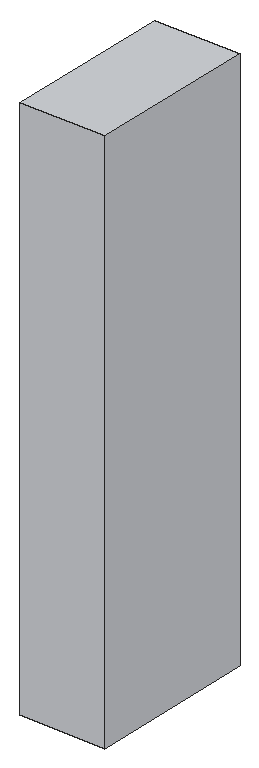
Revit family "族2", category 常规模型, Revit 2020
Family settings
  可将钢筋附着到主体 = 否
  圆形连接件大小 = 使用直径
  零件类型 = 标准
  基于工作平面 = 否
  总是垂直 = 是
  加载时剪切的空心 = 否
  共享 = 否
  房间计算点 = 否
Parameters (values of type "族1")
  默认高程 = 0 mm
  支吊架高度 [instance] = 649.551 mm
  宽度 [instance] = 1140.324 mm
Types (7): name
  族1
  -1.14332717424338*-3.84082567454474
  -1.14332717424337*2.69093400125539
  -1.14332717424338*-5.28317586845778
  -1.14332717424338*-3.27253024732768
  -0.867285507576687*0.593096627084481
  2
Reference planes
  plane 1 "中心(前/后)": y = 0
  plane 2: z = 0
  plane 3 "中心(左/右)": x = 0
  plane 4: x = -570.162
  plane 5: x = 570.162
  plane 6: z = 649.551
  plane 7: x = -470.162
  plane 8: x = 470.162
  plane 9: z = 100
Forms (mm)
  Extrusion 1, solid
    sketch origin (0, 0, 0) x (1, 0, 0) y (0, 0, 1)
      loop
        line (-570.162, 649.551) -> (-570.162, 0) -> (-470.162, 0) -> (-470.162, 649.551) -> (-570.162, 649.551)
    from -100 to 100
Dimensions and locks
  equal spacing: plane 5, plane 3 "中心(左/右)", plane 4
  "宽度": plane 5 to plane 4
  "支吊架高度": plane 6 to level
  plane 7 to plane 4 = 100 mm
  plane 5 to plane 8 = 100 mm
  plane 9 to level = 100 mm
  level to Extrusion 1 = 649.551 mm
  aligned and locked: level to plane 2
  aligned and locked: Extrusion 1 to level
  aligned and locked: plane 7 to Extrusion 1
  aligned and locked: plane 6 to Extrusion 1
  aligned and locked: Extrusion 1 to plane 4
Automatic sketch dimensions
  Extrusion 1 sketch curve to plane 4 = 0 mm
  Extrusion 1 sketch curve to level = 0 mm
  Extrusion 1 sketch curve to plane 7 = 0 mm
  Extrusion 1 sketch curve to plane 6 = 0 mm
